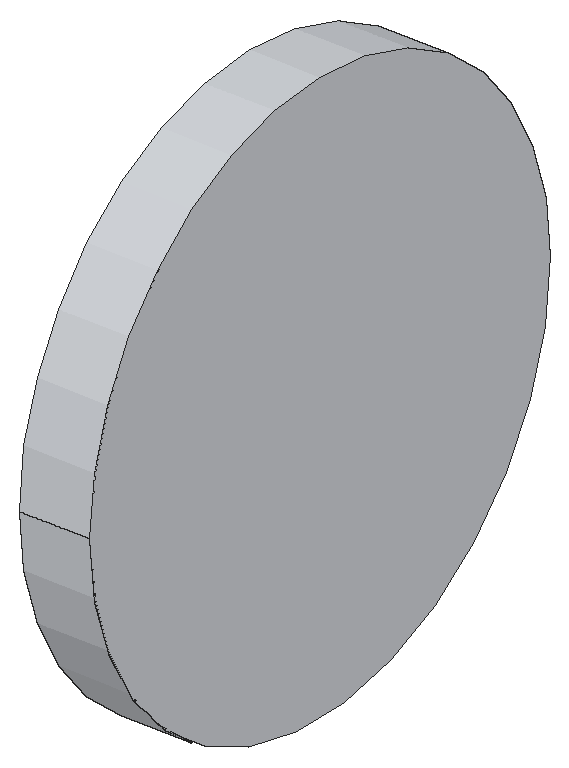
Revit family "5cf3d7910a4a407f89c29af58026423d", category Pipe Fittings, Revit 2021
Family settings
  Round Connector Dimension = Use Radius
  Part Type = Cap
  OmniClass Number = 23.60.30.11.14
  OmniClass Title = Pipework Fittings
  Seek Item ID = Cap - PVC - Sch 40-0000-USA-ENU
  Work Plane-Based = No
  Always vertical = Yes
  Cut with Voids When Loaded = No
  Shared = No
Parameters (values of type "Standard")
  Nominal Radius [instance] = 1.5000"
  Nominal Diameter [instance] = Nominal Radius * 2  # 3.0000"
  Loss Method = Not Defined
  Socket Outside Radius [instance] = Socket Outside Diameter / 2  # 2.2400"
  Socket Outside Diameter [instance] = size_lookup(Lookup Table Name, "SOD", 1.08 * Nominal Diameter + 1.12109", Nominal Diameter)  # 4.4800"
  Lookup Table Name = "Plug Flat - MJ - DI - Class 350"
  Default Elevation = 0.0000"
  Bevel Length [instance] = size_lookup(Lookup Table Name, "BvLgt", 0.04 * Nominal Diameter + 0.4300", Nominal Diameter)  # 0.5200"
  Gland Width [instance] = size_lookup(Lookup Table Name, "GWid", 0.03 * Nominal Diameter + 0.9400", Nominal Diameter)  # 0.9400"
  Gland Outside Radius [instance] = Gland Outside Diameter / 2  # 3.8450"
  Gland Outside Diameter [instance] = size_lookup(Lookup Table Name, "GOD", 1.16 * Nominal Diameter + 4.0300", Nominal Diameter)  # 7.6900"
Reference planes (in)
  plane 1 "Center (Front/Back)": y = 0
  plane 2: z = 0
  plane 3 "Center (Left/Right)": x = 0
  plane 4: x = 1.46
  plane 5: y = 2.24
  plane 6: y = -2.24
  plane 7: x = 0.52
Forms (in)
  Extrusion 1, solid, detail levels fine
    sketch origin (0, 0, 0) x (0, 1, 0) y (0, 0, 1)
      loop
        circle (0, 0) r 2.24
    from 0 to 0.52
  Extrusion 2, solid, detail levels fine
    sketch origin (0, 0, 0) x (0, 1, 0) y (0, 0, 1)
      loop
        circle (0, 0) r 3.845
    from 0.52 to 1.46
Cuts and joins
  joined: Extrusion 1, Extrusion 2
Lines and regions (in)
  model lines, detail levels coarse+medium
    curve 1: line (0, 2.24, 0) -> (1.46, 2.24, 0)
    curve 2: line (1.46, 2.24, 0) -> (1.46, -2.24, 0)
    curve 3: line (1.46, -2.24, 0) -> (0, -2.24, 0)
Dimensions and locks (in)
  "Socket Outside Radius": plane 1 "Center (Front/Back)" to plane 5
  "Socket Outside Radius": plane 6 to plane 1 "Center (Front/Back)"
  "Gland Width": plane 7 to plane 4
  "Bevel Length": plane 3 "Center (Left/Right)" to plane 7
  "Socket Outside Radius": radius of Extrusion 1 sketch curve
  "Gland Outside Radius": radius of Extrusion 2 sketch curve
  aligned and locked: curve 2 to plane 4
  aligned and locked: plane 3 "Center (Left/Right)" to curve 1
  aligned and locked: plane 3 "Center (Left/Right)" to curve 3
  aligned and locked: curve 1 to plane 5
  aligned and locked: curve 3 to plane 6
  aligned and locked: plane 1 "Center (Front/Back)" to Extrusion 1 sketch curve
  aligned and locked: plane 2 to Extrusion 1 sketch curve
  aligned and locked: Extrusion 1 to plane 3 "Center (Left/Right)"
  aligned and locked: plane 7 to Extrusion 1
  aligned and locked: Extrusion 2 to plane 7
  aligned and locked: plane 4 to Extrusion 2
  aligned and locked: plane 2 to Extrusion 2 sketch curve
  aligned and locked: plane 1 "Center (Front/Back)" to Extrusion 2 sketch curve
Connectors (in)
  piping at (0, 0, 0), diameter 3, driven by "Nominal Radius"
    settings: on Extrusion 1, index 1, connector inside diameter 3.0000", connector length 0.0000", flow factor 0, pipe flow 0 GPM, pressure drop 0.00 psi, fitting loss kfactor 0, connector angle 0.00°, fixture units 0, engagement length 0.0000", angle of deflection 0.00°, flow configuration 0, flow direction 0, fitting loss method 0, system type 28, joint type 0, gender type 0, connector reference index -1, connector utility 0, adjustable connector no, is connector primary yes, connector description ""
